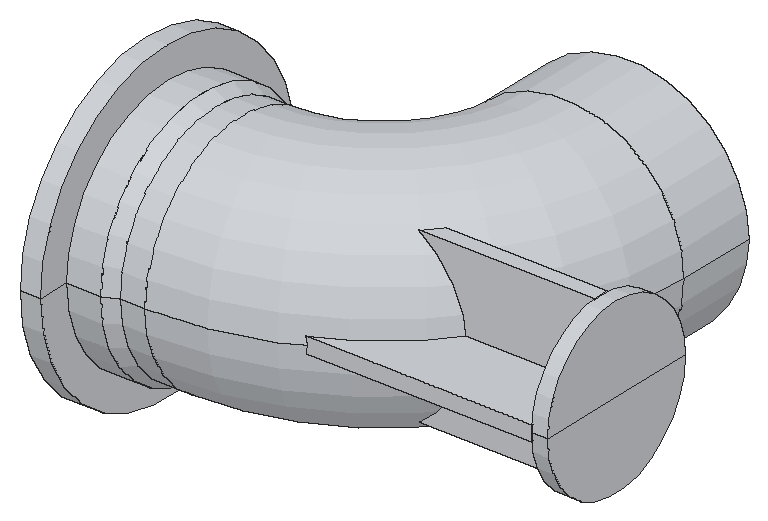
Revit family "3b792b6bb60947a09e5c70df18cb5664", category Pipe Fittings, Revit 2021
Family settings
  Round Connector Dimension = Use Radius
  Part Type = Elbow
  OmniClass Number = 23.60.30.11.14
  OmniClass Title = Pipework Fittings
  Seek Item ID = Elbow - Threaded - MI - Class 300-0000-USA-ENU
  Work Plane-Based = No
  Always vertical = Yes
  Cut with Voids When Loaded = No
  Shared = No
Parameters (values of type "Standard")
  Tick Size [instance] = Fitting Outside Diameter * 0.4  # 6.1200"
  Socket Outside Radius [instance] = Socket Outside Diameter / 2  # 8.0950"
  Socket Outside Diameter [instance] = size_lookup(Lookup Table Name, "SOD", 1.08 * Nominal Diameter + 1.1200", Nominal Diameter)  # 16.1900"
  Socket Depth [instance] = if(Nominal Diameter < 14.0000", 2.5000", if(Nominal Diameter < 30.0000", 3.5000", 4.0000"))  # 3.5000"
  Round Base Radius [instance] = Round Base Diameter / 2  # 5.5000"
  Round Base Diameter [instance] = size_lookup(Lookup Table Name, "RBD", 0.43 * Nominal Diameter + 4.7200", Nominal Diameter)  # 11.0000"
  Rib Thickness [instance] = size_lookup(Lookup Table Name, "RThk", 0.03 * Nominal Diameter + 0.4900", Nominal Diameter)  # 1.0000"
  Lookup Table Name = "Base Bend - MJ x PE - GI - Class 150"
  Length 9 [instance] = if(Fitting Outside Radius > Round Base Radius, Round Base Radius, Fitting Outside Radius)  # 5.5000"
  Length 8 [instance] = if(Length 7 < 0.0000", Round Base Radius, Fitting Outside Radius + Length 7)  # 5.5000"
  Length 7 [instance] = tan(Angle 1) * (Center to Socket Bottom 1 - Bevel Length)  # -1.10061"
  Length 6 [instance] = Center to Face + Center to Socket Bottom 1 - Bevel Length  # 25.6100"
  Length 5 [instance] = Length 4 + Bevel Length + Socket Depth  # 6.0000"
  Length 4 [instance] = Center to Socket Bottom 1 - Bevel Length - Length 1  # 1.6100"
  Length 3 [instance] = sin(Angle) * (Center to Socket Bottom 2)  # 16.6200"
  Length 2 [instance] = cos(Angle) * (Center to Socket Bottom 2)  # 0.0000"
  Length 1 [instance] = tan(Angle / 2) * Center Radius  # 11.5000"
  Length 11 [instance] = Center to Face + Length 1 - Length 10  # 19.30958"
  Length 10 [instance] = sqrt((Center Radius + (Center Radius - Rib Thickness)) * Rib Thickness)  # 4.69042"
  Fitting Outside Radius [instance] = Fitting Outside Diameter / 2  # 7.6500"
  Fitting Outside Diameter [instance] = size_lookup(Lookup Table Name, "FOD", 1.04 * Nominal Diameter + 0.7000", Nominal Diameter)  # 15.3000"
  Nominal Radius [instance] = 7.0000"
  Nominal Diameter [instance] = Nominal Radius * 2  # 14.0000"
  Loss Method = K Coefficient from Table
  K Coefficient Table = "Long Radius Elbow"
  Default Elevation = 0.0000"
  Bevel Length [instance] = size_lookup(Lookup Table Name, "BvLgt", 0.04 * Nominal Diameter + 0.4300", Nominal Diameter)  # 0.8900"
  Center to Socket Bottom 2 [instance] = size_lookup(Lookup Table Name, "CtSB2", sin(Angle) * (0.75 * Nominal Diameter + 4.2500"), Nominal Diameter)  # 16.6200"
  Center to Socket Bottom 1 [instance] = size_lookup(Lookup Table Name, "CtSB1", Center to Socket Bottom 1 Not Found, Nominal Diameter)  # 14.0000"
  Center to Socket Bottom 1 Not Found [instance] = tan(Angle / 2) * Center Radius + Bevel Length + Socket Depth  # 15.8900"
  Center to Face [instance] = size_lookup(Lookup Table Name, "CtF", 0.65 * Nominal Diameter + 3.1200", Nominal Diameter)  # 12.5000"
  Center Radius [instance] = size_lookup(Lookup Table Name, "CRad", 0.69 * Nominal Diameter + 1.8100", Nominal Diameter)  # 11.5000"
  Base Thickness [instance] = size_lookup(Lookup Table Name, "BThk", 0.03 * Nominal Diameter + 0.4900", Nominal Diameter)  # 1.0000"
  Gland Width [instance] = size_lookup(Lookup Table Name, "GWid", 0.03 * Nominal Diameter + 0.9400", Nominal Diameter)  # 1.3100"
  Gland Outside Radius [instance] = Gland Outside Diameter / 2  # 10.1250"
  Gland Outside Diameter [instance] = size_lookup(Lookup Table Name, "GOD", 1.16 * Nominal Diameter + 4.0300", Nominal Diameter)  # 20.2500"
  Assembly Code = ""
  Angle 1 [instance] = atan((Round Base Radius - Fitting Outside Radius) / Length 6)  # -4.79882°
  Angle [instance] = 90.00°  # constant formula
Reference planes (in)
  plane 1 "Center (Front/Back)": y = 0
  plane 2: z = 0
  plane 3 "Center (Left/Right)": x = 0
  plane 4: x = -11.5
  plane 5: x = -13.11
  plane 6: y = 11.5
  plane 7: y = 6.12
  plane 8: y = -6.12
  plane 9: x = 0
  plane 10: y = 16.62
  plane 11: x = -17.5
  plane 12: x = -16.19
  plane 13: y = 10.125
  plane 14: y = 8.095
  plane 15: y = 7.65
  plane 16: x = -14
  plane 17: x = 11.5
  plane 18: x = 12.5
  plane 19: y = 0.5
  plane 20: y = -0.5
  plane 21: z = 0.5
  plane 22: z = -0.5
  plane 23: y = 5.5
  plane 24: z = 5.5
  plane 25: z = -5.5
  plane 26: z = 7.65
  plane 27: z = -7.65
  plane 28: y = -5.5
Forms (in)
  Sweep 1, solid, detail levels fine
    path in 3D
      loop
        arc (-11.5, 0, 0) -> (-3.36827, 3.36827, 0) -> (0, 11.5, 0) r 11.5
    profile origin (-3.36827, 3.36827, 0) x (-0.707107, 0.707107, 0) y (0, 0, 1)
      loop
        circle (0, 0) r 7.65
  Revolve 2, solid, detail levels fine
    sketch origin (0, 0, 0) x (1, 0, 0) y (0, 1, 0)
      loop
        line (-17.5, 0) -> (-11.5, 0) -> (-11.5, 7.65) -> (-13.11, 7.65) -> (-14, 8.095) -> (-16.19, 8.095) -> (-16.19, 10.125) -> (-17.5, 10.125) -> (-17.5, 0)
      loop
        line (11.5, 0) -> (12.5, 0) -> (12.5, 5.5) -> (11.5, 5.5) -> (11.5, 0)
      axis (-17.5, 0) -> (12.5, 0)
    angle from 0 to 360
  Extrusion 3, solid, detail levels fine
    sketch origin (0, 0, 0) x (1, 0, 0) y (0, 0, 1)
      loop
        line (11.5, 5.5) -> (-13.11, 5.5) -> (-13.11, -5.5) -> (11.5, -5.5) -> (11.5, 5.5)
    from -0.5 to 0.5
  Extrusion 4, solid, detail levels fine
    sketch origin (0, 0, 0) x (1, 0, 0) y (0, 1, 0)
      loop
        line (11.5, 5.5) -> (0, 5.5) -> (0, 0) -> (-14, 0) -> (-14, -5.5) -> (11.5, -5.5) -> (11.5, 5.5)
    from -0.5 to 0.5
  Extrusion 5, solid, detail levels fine
    sketch origin (0, 0, 0) x (1, 0, 0) y (0, 0, 1)
      loop
        circle (0, 0) r 7.65
    from -16.62 to -11.5
Cuts and joins
  joined: Sweep 1, Revolve 2, Extrusion 5
Lines and regions (in)
  model lines, style "PipeFitting", detail levels coarse+medium
    curve 1: line (-17.5, 0, 0) -> (12.5, 0, 0)
    curve 2: arc (-11.5, 0, 0) -> (-3.36827, 3.36827, 0) -> (0, 11.5, 0) r 11.5
    curve 3: line (0, 11.5, 0) -> (0, 16.62, 0)
  sketch lines
    curve 4: arc (-11.5, 0, 0) -> (-3.36827, 3.36827, 0) -> (0, 11.5, 0) r 11.5
  model lines, detail levels coarse+medium
    curve 5: line (-17.5, 0, 0) -> (-17.5, 6.12, 0)
    curve 6: line (-17.5, 0, 0) -> (-17.5, -6.12, 0)
    curve 7: line (0, 16.62, 0) -> (-6.12, 16.62, 0)
    curve 8: line (0, 16.62, 0) -> (6.12, 16.62, 0)
    curve 10: line (-6.80958, 1, 0) -> (12.5, 1, 0)
  reference lines, not visible
    curve 9: line (0, 16.62, 0) -> (0, 9.30528, 0)
Dimensions and locks (in)
  "Center Radius": plane 6 to plane 1 "Center (Front/Back)"
  "Tick Size": plane 7 to plane 1 "Center (Front/Back)"
  "Tick Size": plane 8 to plane 1 "Center (Front/Back)"
  "Tick Size": curve 7 to curve 7
  "Tick Size": curve 8 to curve 8
  "Length 1": plane 4 to plane 3 "Center (Left/Right)"
  "Length 3": plane 10 to plane 1 "Center (Front/Back)"
  "Gland Width": plane 11 to plane 12
  "Fitting Outside Radius": plane 15 to plane 1 "Center (Front/Back)"
  "Socket Outside Radius": plane 14 to plane 1 "Center (Front/Back)"
  "Gland Outside Radius": plane 13 to plane 1 "Center (Front/Back)"
  "Bevel Length": plane 16 to plane 5
  "Socket Depth": plane 11 to plane 16
  "Center to Socket Bottom 1": plane 16 to plane 3 "Center (Left/Right)"
  "Length 2": plane 3 "Center (Left/Right)" to plane 9
  equal spacing: plane 21, plane 2, plane 22
  "Rib Thickness": plane 21 to plane 22
  equal spacing: plane 20, plane 1 "Center (Front/Back)", plane 19
  "Rib Thickness": plane 20 to plane 19
  "Round Base Radius": plane 23 to plane 1 "Center (Front/Back)"
  "Center to Face": plane 3 "Center (Left/Right)" to plane 18
  "Base Thickness": plane 17 to plane 18
  "Fitting Outside Radius": plane 26 to plane 2
  "Fitting Outside Radius": plane 2 to plane 27
  "Round Base Radius": plane 24 to plane 2
  "Round Base Radius": plane 2 to plane 25
  "Round Base Radius": plane 28 to plane 1 "Center (Front/Back)"
  "Length 8": plane 1 "Center (Front/Back)" to Extrusion 4 sketch curve
  "Length 9": Extrusion 4 sketch curve to plane 1 "Center (Front/Back)"
  "Length 9": Extrusion 3 sketch curve to plane 2
  "Length 9": plane 2 to Extrusion 3 sketch curve
  "Rib Thickness": plane 1 "Center (Front/Back)" to curve 10
  "Length 11": curve 10 to curve 10
  "Center Radius": radius of curve 2
  "Fitting Outside Radius": radius of Sweep 1 sketch curve
  "Fitting Outside Radius": radius of Extrusion 5 sketch curve
  "Angle": angle curve 2 to curve 2
  "Angle": angle plane 1 "Center (Front/Back)" to curve 3
  locked: curve 8 to curve 3 (angle 90.00°)
  locked: curve 3 to curve 7 (angle 90.00°)
  "Angle": angle plane 10 to curve 9
  aligned and locked: plane 4 to curve 2
  aligned and locked: plane 7 to curve 5
  aligned and locked: plane 1 "Center (Front/Back)" to curve 6
  aligned and locked: plane 8 to curve 6
  aligned and locked: plane 9 to curve 9
  aligned and locked: plane 10 to curve 9
  aligned and locked: curve 6 to plane 11
  aligned and locked: Revolve 2 sketch curve to plane 13
  aligned and locked: plane 11 to Revolve 2 sketch curve
  aligned and locked: Revolve 2 sketch curve to plane 12
  aligned and locked: Revolve 2 sketch curve to plane 14
  aligned and locked: Revolve 2 sketch curve to plane 4
  aligned and locked: plane 16 to Revolve 2 sketch curve
  aligned and locked: plane 5 to Revolve 2 sketch curve
  aligned and locked: plane 15 to Revolve 2 sketch curve
  aligned and locked: Revolve 2 sketch curve to plane 1 "Center (Front/Back)"
  aligned and locked: plane 17 to Revolve 2 sketch curve
  aligned and locked: Revolve 2 sketch curve to plane 18
  aligned and locked: Revolve 2 sketch curve to plane 23
  aligned and locked: plane 19 to Extrusion 3
  aligned and locked: plane 20 to Extrusion 3
  aligned and locked: plane 17 to Extrusion 4 sketch curve
  aligned and locked: plane 28 to Extrusion 4 sketch curve
  aligned and locked: plane 23 to Extrusion 4 sketch curve
  aligned and locked: plane 1 "Center (Front/Back)" to Extrusion 4 sketch curve
  aligned and locked: plane 9 to Extrusion 4 sketch curve
  aligned and locked: Extrusion 4 sketch curve to plane 16
  aligned and locked: plane 22 to Extrusion 4
  aligned and locked: plane 21 to Extrusion 4
  aligned and locked: plane 24 to Extrusion 3 sketch curve
  aligned and locked: plane 18 to curve 1
  aligned and locked: plane 18 to curve 10
  aligned and locked: plane 9 to Extrusion 5 sketch curve
  aligned and locked: plane 2 to Extrusion 5 sketch curve
  aligned and locked: Extrusion 5 to plane 6
  aligned and locked: plane 10 to Extrusion 5
Automatic sketch dimensions
  Sweep 1 sketch curve to profile plane = 0.0000"  (x2)
  plane 1 "Center (Front/Back)" to Revolve 2 sketch curve = 0.0000"  (x2)
  Revolve 2 sketch curve to plane 4 = 0.0000"
  Revolve 2 sketch curve to Revolve 2 sketch curve = 0.7500"
  Extrusion 3 sketch curve to plane 5 = 0.0000"
  Extrusion 3 sketch curve to plane 17 = 0.0000"
  curve 8 to plane 10 = 0.0000"
Connectors (in)
  piping at (-17.5, 0, 0), diameter 14, driven by "Angle", driven by "Nominal Radius"
    settings: on Revolve 2, index 1, connector inside diameter 14.0000", connector length 0.0000", flow factor 0, pipe flow 0 GPM, pressure drop 0.00 psi, fitting loss kfactor 0, connector angle 90.00°, fixture units 0, engagement length 0.0000", angle of deflection 0.00°, flow configuration 0, flow direction 0, fitting loss method 0, system type 28, joint type 0, gender type 0, connector reference index 2, connector utility 0, adjustable connector no, is connector primary yes, connector description ""
  piping at (0, 16.62, 0), diameter 14, driven by "Nominal Radius", driven by "Angle"
    settings: on Extrusion 5, index 2, connector inside diameter 14.0000", connector length 0.0000", flow factor 0, pipe flow 0 GPM, pressure drop 0.00 psi, fitting loss kfactor 0, connector angle 90.00°, fixture units 0, engagement length 0.0000", angle of deflection 0.00°, flow configuration 0, flow direction 0, fitting loss method 0, system type 28, joint type 0, gender type 0, connector reference index 1, connector utility 0, adjustable connector no, is connector primary no, connector description ""
